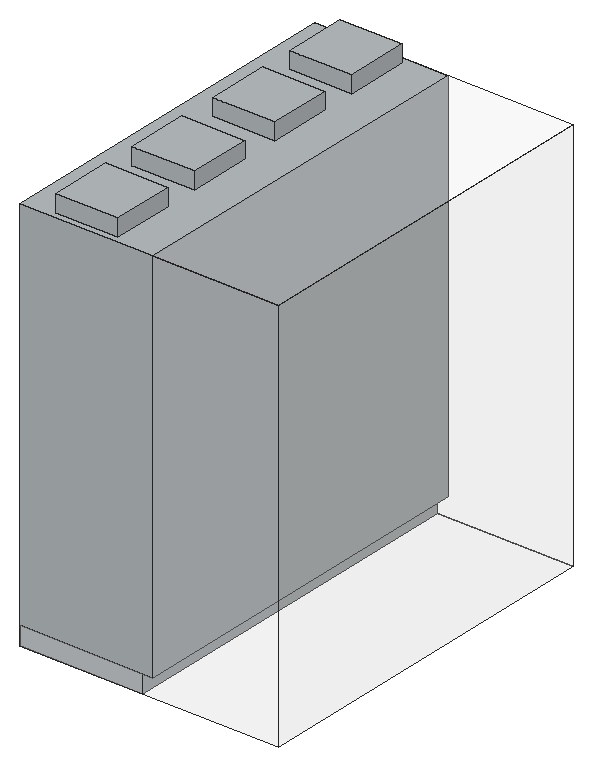
Revit family "lf-150_200x2-50_f60_50Hz", category 機械設備, Revit 2019
Family settings
  丸型コネクタ寸法 = 直径を使用
  パーツ タイプ = 標準
  OmniClass 番号 = 23.75.10.34.21
  OmniClass タイトル = Heat Exchangers for Ventilation Air
  作業面ベース = いいえ
  常に垂直 = はい
  ロード時にボイドで切り取り = いいえ
  共有 = いいえ
  部屋計算ポイント = はい
Parameters (values of type "LF-200X2-50")
  騒音レベル(dB(A)) = 46
  風量 = 2000.0 m³/h
  面風速 = 6.17 m/s
  電源種別 [instance] = ""
  電圧 = 200 V
  電動機出力 = 0 W
  集中コントローラ = ""
  運転質量 = 0.00 kg
  連動 [instance] = ""
  質量 = if(製品質量 > 運転質量, 製品質量, 運転質量) * 1.2  # 354.00 kg
  負荷分類 = 3_ファン類
  説明 = "設備用ロスナイ 床置形"
  設計風量 = 0.0 m³/h
  設置方法 = "床置形"
  記号 [instance] = ""
  製造元 = "三菱電機株式会社"
  製品質量 = 295.00 kg
  製品出荷対象 = "国内"
  製品リリース年月 = "2018/7/25"
  製品グループ = ""
  系統 [instance] = ""
  符号 = "HEU"
  積算_科目 = "1 空気調和設備"
  積算_拾い区分 [instance] = ""
  相 = 3
  盤記号 [instance] = ""
  発停方法 [instance] = ""
  特殊仕様 [instance] = ""
  火災停止 [instance] = ""
  温度交換効率 = 75.00%
  消費電力 = 1390 W
  法定耐用年数 = "15"
  機外静圧_排気 = 250.0 Pa
  機外静圧 = 250.0 Pa
  極数 = 3
  材質 [instance] = ""
  本体固定用穴ピッチ2 = 850 mm
  本体固定用穴ピッチ1 = 550 mm
  本体固定用穴_径 = 20 mm
  本体マテリアル = 溶融亜鉛めっき鋼板
  操作・制御方式 = ""
  操作・制御スイッチ = ""
  排気量 = 0.0 m³/h
  形式 = "床置形"
  幹線記号 [instance] = ""
  対象室 [instance] = ""
  実風量 = 0.0 m³/h
  始動方式 [instance] = "直入"
  外気量 = 0.0 m³/h
  呼称 = "全熱交換ユニット"
  周波数 = 50 Hz
  参照している仕様書等のバージョン = "公共建築工事標準仕様書（機械設備工事編）平成31年度版"
  初期抵抗 = 0.0 Pa
  分類コード = "50052504100050"
  分類グループ = ""
  価格 = 3202000
  企業コード = "108420"
  付属品_フィルター_還気 = ""
  付属品_フィルター = ""
  付属品 [instance] = ""
  仕様書バージョン = "Version1.0"
  モデル = "LF-200X2-50"
  メンテナンススペース = yes
  コメント [instance] = ""
  Keynote = ""
  エンタルピ交換効率_暖房 = 68.00%
  エンタルピ交換効率_冷房 = 65.00%
  Assembly Code = ""
  Width = 635 mm
  W1 = 585 mm
  Version = ""
  Uniclass2015Version = "Systems v1.9"
  Uniclass2015Title = "Thermal wheels"
  Uniclass2015Code = "Pr_60_60_36_88"
  URL = "https://www.mitsubishielectric.co.jp/ldg/wink/ssl/displayProduct.do?pid=294052"
  SpecificationReference = ""
  SpecificationDescription = ""
  SAサイズ_W = 298 mm
  SAサイズ_D = 298 mm
  Revision = ""
  RAサイズ_W = 298 mm
  RAサイズ_D = 298 mm
  ProductInformation = ""
  OmniClassCode = "23-27 23 19 11"
  OAサイズ_W = 298 mm
  OAサイズ_D = 298 mm
  MIN風量 = 0.0 m³/h
  MIN静圧 = 0.0 Pa
  MID風量 = 0.0 m³/h
  MID静圧 = 0.0 Pa
  MAX風量 = 2000.0 m³/h
  MAX静圧 = 250.0 Pa
  IfcTypeProduct = ""
  IfcProduct = ""
  IfcExportType = "ROTARYWHEEL"
  IfcExportAs = "IfcAirToAirHeatRecoveryType"
  Height = 1800 mm
  H1 = 90 mm
  EAサイズ_W = 298 mm
  EAサイズ_D = 298 mm
  Duct_Pitch2 = 458 mm
  Duct_Pitch1 = 479 mm
  Duct_Height = 80 mm
  Depth = 1760 mm
  D1 = 1750 mm
  Clearance Top = 0 mm
  Clearance Right = 600 mm
  Clearance Left = 0 mm
  Clearance Front = 0 mm
  Clearance Bottom = 0 mm
  Clearance Back = 0 mm
  Author = "三菱電機株式会社"
Types (4, lengths in mm): name | 騒音レベル(dB(A)) | 風量 | 面風速 | 質量 | 説明 | 製品質量 | 消費電力 | 機外静圧_排気 | 機外静圧 | 価格 | モデル | URL | MAX風量 | MAX静圧
  LF-150X2-50 | 43.5 | 1500.0 m³/h | 4.63 m/s | 348.00 kg | "設備用ロスナイ 床置形" | 290.00 kg | 970 W | 220.0 Pa | 220.0 Pa | 2677000 | "LF-150X2-50" | "https://www.mitsubishielectric.co.jp/ldg/wink/ssl/displayProduct.do?pid=294050" | 1500.0 m³/h | 220.0 Pa
  LF-200X2-50 | 46 | 2000.0 m³/h | 6.17 m/s | 354.00 kg | "設備用ロスナイ 床置形" | 295.00 kg | 1390 W | 250.0 Pa | 250.0 Pa | 3202000 | "LF-200X2-50" | "https://www.mitsubishielectric.co.jp/ldg/wink/ssl/displayProduct.do?pid=294052" | 2000.0 m³/h | 250.0 Pa
  LF-150X2-F60 | 43.5 | 1500.0 m³/h | 4.63 m/s | 348.00 kg | "設備用ロスナイ 床置形 インバータ端子付" | 290.00 kg | 1210 W | 320.0 Pa | 320.0 Pa | 2943000 | "LF-150X2-F60" | "https://www.mitsubishielectric.co.jp/ldg/wink/ssl/displayProduct.do?pid=294070" | 1500.0 m³/h | 320.0 Pa
  LF-200X2-F60 | 48 | 2000.0 m³/h | 6.17 m/s | 354.00 kg | "設備用ロスナイ 床置形 インバータ端子付" | 295.00 kg | 1650 W | 330.0 Pa | 330.0 Pa | 3522000 | "LF-200X2-F60" | "https://www.mitsubishielectric.co.jp/ldg/wink/ssl/displayProduct.do?pid=294071" | 2000.0 m³/h | 330.0 Pa
Reference planes
  plane 1 "中心(正面/背面)": y = 0
  plane 2: z = 0
  plane 3 "中心(左/右)": x = 0
  plane 4: x = 292.5
  plane 5: x = 342.5
  plane 6: y = 880
  plane 7: y = 875
  plane 8: y = -880
  plane 9: y = -875
  plane 10: x = -292.5
  plane 11: x = -292.5
  plane 12: y = 239.5
  plane 13: y = 697.5
  plane 14: y = -239.5
  plane 15: y = -697.5
  plane 16: y = -548.5
  plane 17: y = -846.5
  plane 18: y = -90.5
  plane 19: y = -388.5
  plane 20: y = 388.5
  plane 21: y = 90.5
  plane 22: y = 846.5
  plane 23: y = 548.5
  plane 24: x = -149
  plane 25: x = 149
  plane 26: z = 90
  plane 27: z = 1890
  plane 28: z = 1970
  plane 29: y = 850
  plane 30: y = -850
  plane 31: x = -275
  plane 32: x = 275
  plane 33: x = 942.5
  plane 34: x = -292.5
  plane 35: y = 880
  plane 36: y = -880
  plane 37: z = 1890
  plane 38: z = 0
Forms (mm)
  Extrusion 1, solid, material "溶融亜鉛めっき鋼板" <- "本体マテリアル", detail levels fine
    sketch origin (0, 0, 0) x (1, 0, 0) y (0, 1, 0)
      loop
        line (-292.5, 880) -> (-292.5, -880) -> (342.5, -880) -> (342.5, 880) -> (-292.5, 880)
    from 90 to 1890
  Extrusion 2, solid, material "溶融亜鉛めっき鋼板" <- "本体マテリアル", detail levels fine
    sketch origin (0, 0, 0) x (1, 0, 0) y (0, 1, 0)
      loop
        line (-292.5, 875) -> (-292.5, -875) -> (292.5, -875) -> (292.5, 875) -> (-292.5, 875)
    from 0 to 90
  Extrusion 3, solid, material "溶融亜鉛めっき鋼板" <- "本体マテリアル", detail levels fine
    sketch origin (0, 0, 0) x (1, 0, 0) y (0, 1, 0)
      loop
        line (-149, 846.5) -> (-149, 548.5) -> (149, 548.5) -> (149, 846.5) -> (-149, 846.5)
      loop
        line (-149, 388.5) -> (-149, 90.5) -> (149, 90.5) -> (149, 388.5) -> (-149, 388.5)
      loop
        line (-149, -388.5) -> (149, -388.5) -> (149, -90.5) -> (-149, -90.5) -> (-149, -388.5)
      loop
        line (-149, -548.5) -> (-149, -846.5) -> (149, -846.5) -> (149, -548.5) -> (-149, -548.5)
    from 1890 to 1970
Lines and regions (mm)
  Masking region 1, detail levels coarse+medium
    outline origin (1331.5, 88, 0) x (1, 0, 0) y (0, 1, 0)
      loop
        line (-1624, 787) -> (-1624, -963) -> (-1039, -963) -> (-1039, 787) -> (-1624, 787)
  symbolic lines, detail levels coarse+medium
    curve 1: line (0, 875, 0) -> (-292.5, 0, 0)
    curve 2: line (-292.5, 0, 0) -> (0, -875, 0)
    curve 3: line (0, -875, 0) -> (292.5, 0, 0)
    curve 4: line (0, 875, 0) -> (292.5, 0, 0)
Dimensions and locks
  equal spacing: plane 10, plane 3 "中心(左/右)", plane 4
  "W1": plane 10 to plane 4
  "Width": plane 11 to plane 5
  equal spacing: plane 7, plane 1 "中心(正面/背面)", plane 9
  "D1": plane 7 to plane 9
  equal spacing: plane 6, plane 1 "中心(正面/背面)", plane 8
  "Depth": plane 6 to plane 8
  equal spacing: plane 12, plane 1 "中心(正面/背面)", plane 14
  "Duct_Pitch1": plane 12 to plane 14
  "Duct_Pitch2": plane 13 to plane 12
  "Duct_Pitch2": plane 15 to plane 14
  equal spacing: plane 16, plane 15, plane 17
  "SAサイズ_D": plane 16 to plane 17
  equal spacing: plane 19, plane 14, plane 18
  "RAサイズ_D": plane 19 to plane 18
  equal spacing: plane 21, plane 12, plane 20
  "OAサイズ_D": plane 21 to plane 20
  equal spacing: plane 23, plane 13, plane 22
  "EAサイズ_D": plane 23 to plane 22
  equal spacing: plane 24, plane 3 "中心(左/右)", plane 25
  "SAサイズ_W": plane 24 to plane 25
  locked: plane 11 to plane 10 at 0
  "H1": plane 26 to level
  "Height": plane 27 to plane 26
  "Duct_Height": plane 28 to plane 27
  "本体固定用穴ピッチ2": plane 1 "中心(正面/背面)" to plane 29
  "本体固定用穴ピッチ2": plane 30 to plane 1 "中心(正面/背面)"
  equal spacing: plane 31, plane 3 "中心(左/右)", plane 32
  "本体固定用穴ピッチ1": plane 31 to plane 32
  "Clearance Right": plane 5 to plane 33
  "Clearance Left": plane 34 to plane 11
  "Clearance Back": plane 35 to plane 6
  "Clearance Front": plane 8 to plane 36
  "Clearance Top": plane 37 to plane 27
  "Clearance Bottom": level to plane 38
  aligned and locked: level to plane 2
  aligned and locked: Extrusion 1 sketch curve to plane 6
  aligned and locked: plane 10 to Extrusion 1 sketch curve
  aligned and locked: Extrusion 1 sketch curve to plane 8
  aligned and locked: Extrusion 2 sketch curve to plane 7
  aligned and locked: plane 11 to Extrusion 2 sketch curve
  aligned and locked: Extrusion 2 sketch curve to plane 9
  aligned and locked: Extrusion 3 sketch curve to plane 22
  aligned and locked: plane 24 to Extrusion 3 sketch curve  (x3)
  aligned and locked: Extrusion 3 sketch curve to plane 23
  aligned and locked: plane 25 to Extrusion 3 sketch curve  (x3)
  aligned and locked: Extrusion 3 sketch curve to plane 20
  aligned and locked: Extrusion 3 sketch curve to plane 21
  aligned and locked: plane 19 to Extrusion 3 sketch curve
  aligned and locked: Extrusion 3 sketch curve to plane 24
  aligned and locked: plane 18 to Extrusion 3 sketch curve
  aligned and locked: Extrusion 3 sketch curve to plane 25
  aligned and locked: Extrusion 3 sketch curve to plane 16
  aligned and locked: Extrusion 3 sketch curve to plane 17
  aligned and locked: plane 9 to Masking region 1
  aligned and locked: Masking region 1 to plane 11
  aligned and locked: plane 7 to Masking region 1
  aligned and locked: Masking region 1 to curve 1
  aligned and locked: Masking region 1 to curve 2
  aligned and locked: plane 26 to Extrusion 2
  aligned and locked: plane 27 to Extrusion 1
  aligned and locked: Extrusion 1 to plane 26
  aligned and locked: plane 28 to Extrusion 3
  aligned and locked: Extrusion 3 to plane 27
  aligned and locked: plane 33 to nested 1
  aligned and locked: nested 1 to plane 36
  aligned and locked: nested 1 to plane 35
  aligned and locked: nested 1 to plane 37
  aligned and locked: nested 1 to plane 38
  aligned and locked: plane 9 to curve 2
  aligned and locked: plane 3 "中心(左/右)" to curve 3
  aligned and locked: plane 4 to curve 3
  aligned and locked: plane 3 "中心(左/右)" to curve 4
  aligned and locked: plane 1 "中心(正面/背面)" to curve 4
  aligned and locked: plane 30 to nested 2
  aligned and locked: plane 31 to nested 2
  aligned and locked: nested 2 to plane 32
  aligned and locked: plane 31 to nested 3
  aligned and locked: nested 3 to plane 32
  aligned and locked: plane 1 "中心(正面/背面)" to nested 3
  aligned and locked: plane 31 to nested 4
  aligned and locked: nested 4 to plane 32
  aligned and locked: nested 4 to plane 29
  aligned and locked: nested 1 to plane 34
  aligned and locked: Masking region 1 to plane 4
  aligned and locked: plane 4 to Extrusion 2 sketch curve
  aligned and locked: plane 5 to Extrusion 1 sketch curve
Automatic sketch dimensions
  plane 9 to Masking region 1 sketch curve = 0 mm
  Masking region 1 sketch curve to plane 10 = 0 mm
  plane 5 to Masking region 1 sketch curve = 50 mm
  Masking region 1 sketch curve to plane 7 = 0 mm
  plane 1 "中心(正面/背面)" to curve 1 = 0 mm
  curve 1 to plane 10 = 0 mm
  curve 4 to plane 7 = 0 mm
Nested families
  nested 1: "メンテナンススペース" at (325, 0, 945), visible <- "メンテナンススペース", type "メンテナンススペース"
    with Width 1235 mm, Height 1890 mm, Depth 1760 mm
  nested 2: "固定点" at (-275, -850, 0), type "固定点"
    with W 550 mm, D 1000 mm
  nested 3: "固定点" at (-275, 0, 0), type "固定点"
    with W 550 mm, D 1000 mm
  nested 4: "固定点" at (-275, 850, 0), type "固定点"
    with W 550 mm, D 1000 mm
Connectors
  hvac at (0, -697.5, 1970), driven by "SAサイズ_D", driven by "SAサイズ_W", driven by "機外静圧", driven by "風量"
    settings: on Extrusion 3, index 1, duct flow 2000.0 m³/h, flow factor 0, pres drop 250.0 Pa, loss coef 0, conn angle 0.00°, conn width 298 mm, conn height 298 mm, conn diameter 609.6 mm, duct sys type 1, conn prof type 1, flow config 0, flow direction 2, loss method 4, conn ref index -1, conn util no, is conn primary yes, conn desc ""
  hvac at (0, -239.5, 1970), driven by "RAサイズ_D", driven by "RAサイズ_W", driven by "機外静圧", driven by "風量"
    settings: on Extrusion 3, index 2, duct flow 2000.0 m³/h, flow factor 0, pres drop 250.0 Pa, loss coef 0, conn angle 0.00°, conn width 298 mm, conn height 298 mm, conn diameter 609.6 mm, duct sys type 2, conn prof type 1, flow config 0, flow direction 1, loss method 4, conn ref index -1, conn util no, is conn primary no, conn desc ""
  hvac at (0, 239.5, 1970), driven by "OAサイズ_D", driven by "OAサイズ_W", driven by "機外静圧", driven by "外気量"
    settings: on Extrusion 3, index 3, duct flow 0.0 m³/h, flow factor 0, pres drop 250.0 Pa, loss coef 0, conn angle 0.00°, conn width 298 mm, conn height 298 mm, conn diameter 609.6 mm, duct sys type 4, conn prof type 1, flow config 0, flow direction 1, loss method 4, conn ref index -1, conn util no, is conn primary no, conn desc ""
  hvac at (0, 697.5, 1970), driven by "EAサイズ_D", driven by "EAサイズ_W", driven by "機外静圧_排気", driven by "排気量"
    settings: on Extrusion 3, index 4, duct flow 0.0 m³/h, flow factor 0, pres drop 250.0 Pa, loss coef 0, conn angle 0.00°, conn width 298 mm, conn height 298 mm, conn diameter 609.6 mm, duct sys type 3, conn prof type 1, flow config 0, flow direction 2, loss method 4, conn ref index -1, conn util no, is conn primary no, conn desc ""
  electrical at (342.5, 0, 990), driven by "極数", driven by "負荷分類", driven by "電圧", driven by "消費電力"
    settings: on Extrusion 1, index 5, voltage 200 V, apparent load 1390 VA, apparent load phase1 0 VA, apparent load phase2 0 VA, apparent load phase3 0 VA, power factor 1, load classification "3_ファン類", number of poles 3, system type 30, power factor state 1, is connector primary yes, connector utility no, sub classification motor no, connector description ""
Definition of nested family "メンテナンススペース"
  Parameters (values of type "メンテナンススペース")
    Width [instance] = 500 mm
    Height [instance] = 500 mm
    Depth [instance] = 500 mm
  Reference planes
    plane 1 "中心(正面/背面)": y = 0
    plane 2: z = 0
    plane 3 "中心(左/右)": x = 0
    plane 4: y = -250
    plane 5: x = 250
    plane 6: y = 250
    plane 7: x = -250
    plane 8: z = 250
    plane 9: z = -250
  Forms (mm)
    Extrusion 1, solid
      sketch origin (-638.939, 0, 72.39) x (1, 0, 0) y (0, 1, 0)
        loop
          line (388.939, 250) -> (388.939, -250) -> (888.939, -250) -> (888.939, 250) -> (388.939, 250)
      from -322.39 to 177.61
  Lines and regions (mm)
    symbolic lines
      curve 1: line (-250, 0, 250) -> (250, 0, 250)
      curve 2: line (-250, 0, -250) -> (-250, 0, 250)
      curve 3: line (250, 0, -250) -> (-250, 0, -250)
      curve 4: line (250, 0, 250) -> (250, 0, -250)
      curve 5: line (0, -250, 250) -> (0, 250, 250)
      curve 6: line (0, -250, -250) -> (0, -250, 250)
      curve 7: line (0, 250, -250) -> (0, -250, -250)
      curve 8: line (0, 250, 250) -> (0, 250, -250)
      curve 9: line (-250, 250, 0) -> (250, 250, 0)
      curve 10: line (-250, -250, 0) -> (-250, 250, 0)
      curve 11: line (250, -250, 0) -> (-250, -250, 0)
      curve 12: line (250, 250, 0) -> (250, -250, 0)
  Dimensions and locks
    equal spacing: plane 7, plane 3 "中心(左/右)", plane 5
    equal spacing: plane 4, plane 1 "中心(正面/背面)", plane 6
    "Depth": plane 4 to plane 6
    "Width": plane 7 to plane 5
    equal spacing: plane 8, plane 2, plane 9
    "Height": plane 8 to plane 9
    aligned and locked: plane 9 to curve 3
    aligned and locked: plane 7 to curve 2
    aligned and locked: curve 4 to plane 5
    aligned and locked: plane 5 to Extrusion 1
    aligned and locked: Extrusion 1 to plane 7
    aligned and locked: Extrusion 1 to plane 9
    aligned and locked: plane 8 to Extrusion 1
    aligned and locked: plane 9 to curve 7
  Automatic sketch dimensions
    plane 4 to Extrusion 1 sketch curve = 0 mm
    Extrusion 1 sketch curve to plane 7 = 0 mm
    Extrusion 1 sketch curve to plane 5 = 0 mm
    plane 6 to Extrusion 1 sketch curve = 0 mm
    curve 2 to plane 8 = 0 mm
    plane 4 to curve 11 = 0 mm
    curve 11 to plane 7 = 0 mm
    curve 11 to plane 5 = 0 mm
    plane 6 to curve 10 = 0 mm
    curve 7 to plane 4 = 0 mm
    curve 7 to plane 6 = 0 mm
    curve 6 to plane 8 = 0 mm
Definition of nested family "固定点"
  Parameters (values of type "固定点")
    中心円 = 20 mm
    W [instance] = 1000 mm
    D [instance] = 1000 mm
  Reference planes
    plane 1 "中心(正面/背面)": y = 0
    plane 2: z = 0
    plane 3 "中心(左/右)": x = 0
    plane 4: x = 1000
  Lines and regions (mm)
    symbolic lines, detail levels fine
      curve 1: circle (0, 0, 0) r 10 normal (0, 0, 1)
      curve 2: circle (1000, 0, 0) r 10 normal (0, 0, 1)
      curve 3: line (-200, 0, 0) -> (1200, 0, 0)
      curve 4: line (0, 200, 0) -> (0, -200, 0)
      curve 5: line (1000, 200, 0) -> (1000, -200, 0)
  Dimensions and locks
    "W": plane 3 "中心(左/右)" to plane 4
    "中心円": diameter of curve 1
    "中心円": diameter of curve 2
    aligned and locked: level to plane 2
    aligned and locked: plane 3 "中心(左/右)" to curve 1
    aligned and locked: plane 1 "中心(正面/背面)" to curve 1
    aligned and locked: plane 1 "中心(正面/背面)" to curve 2
    aligned and locked: plane 4 to curve 2
    aligned and locked: plane 1 "中心(正面/背面)" to curve 3
    aligned and locked: curve 4 to plane 3 "中心(左/右)"
    aligned and locked: curve 5 to plane 4
  Automatic sketch dimensions
    curve 3 to plane 3 "中心(左/右)" = 200 mm
    curve 2 to curve 3 = 200 mm
    plane 1 "中心(正面/背面)" to curve 4 = 200 mm
    plane 1 "中心(正面/背面)" to curve 5 = 200 mm
    curve 5 to plane 1 "中心(正面/背面)" = 200 mm
    curve 4 to plane 1 "中心(正面/背面)" = 200 mm
